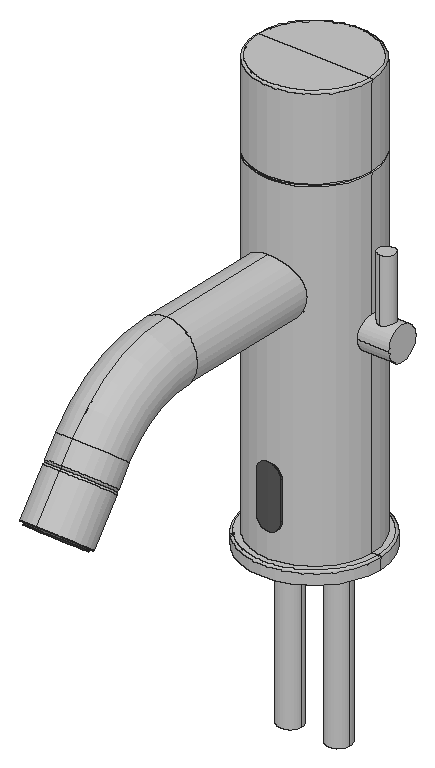
Revit family "Plumbing-Fix_Faucet-Touchless_Stern_Extreme-Mixer-1000", category Plumbing Fixtures, host Face, Revit 2026
Family settings
  Host = Face
  Round Connector Dimension = Use Diameter
  Part Type = Normal
  Classification Number = 23.45.55.17
  Enable Cutting in Views = No
  Cut with Voids When Loaded = No
  Maintain Annotation Orientation = No
  Shared = No
  Room Calculation Point = No
Parameters (values of type "Battery Pack 1.58 GPM")
  Waste Connection = no
  Warranty Duration (Years) = 2
  WFU = 0
  Vent Connection = no
  Unit Width = 0' - 2"
  Unit Height = 0' - 0"
  URL = "http://www.sternfaucets.com/"
  Type Comments = "as Specified"
  Standards Conformance = "as Specified"
  Spout Reach = 0' - 0"
  Spout Height = 0' - 2 1/4"
  Specification = ""
  SpecWizard = ""
  Sales Information = "http://www.sternfaucets.com/contact-us/contact-us-int-l.html"
  Revision = "R1_2018-04"
  Product Properties = ""
  Product Features = "Security Shut Off Timer"
  Product Data = "http://www.arcat.com/arcatcos/cos50/arc50092.html"
  Power Supply = "9V Battery"
  Piping_Inlet Diameter = 3/8"
  Piping_Flow = 0 GPM
  Operating Temperature Range = "Up to 149 F / 65 C"
  Operating Pressure Range = "7.26 - 116 PSI  ;  0.5 - 8 bar"
  Model = "Extreme 1000 B"
  Manufacturer Website = "http://www.sternfaucets.com/"
  Manufacturer Phone - Toll Free = "800-436-4410"
  Manufacturer Phone = ""
  Manufacturer Fax = ""
  Manufacturer Address = "777 Passaic Ave.  Clifton, NJ 07012"
  Manufacturer = "Stern Engineering"
  Maintenance Schedule (Months) = 0
  Keynote = "22 40 00"
  Installation Phase = ""
  HWFU = 1
  HW Connection = yes
  Green Building-LEED = ""
  Fixture Finish [instance] = Finish - Stern - Chrome
  Expected Lifespan (Years) = 0
  Drawn By = "Sumex Design, Inc. / Robert S. Weygant, CSI, CDT, SCIP"
  Description = "Stern Touchless Deck Mounted Mixing Faucet - Extreme 1000 B as Specified"
  Default Elevation = 0' - 0"
  Cost = 0
  Copyright = "©Arcat Inc."
  Construction Details = ""
  CWFU = 1
  CW Connection = yes
  Body Construction = ""
  Available Options = "as Specified"
  Assembly Code = "D2010300"
  Accent Color [instance] = Finish - Stern - Black
Types (10): name | Power Supply | Model | Description
  Battery Pack 1.58 GPM | "9V Battery" | "Extreme 1000 B" | "Stern Touchless Deck Mounted Mixing Faucet - Extreme 1000 B as Specified"
  Battery Pack 1 GPM | "9V Battery" | "Extreme 1000 B" | "Stern Touchless Deck Mounted Mixing Faucet - Extreme 1000 B as Specified"
  Battery Pack 0.8 GPM | "9V Battery" | "Extreme 1000 B" | "Stern Touchless Deck Mounted Mixing Faucet - Extreme 1000 B as Specified"
  Battery Pack 0.5 GPM | "9V Battery" | "Extreme 1000 B" | "Stern Touchless Deck Mounted Mixing Faucet - Extreme 1000 B as Specified"
  Battery Pack 0.35 GPM | "9V Battery" | "Extreme 1000 B" | "Stern Touchless Deck Mounted Mixing Faucet - Extreme 1000 B as Specified"
  Transformer 1.58 GPM | "9V Transformer" | "Extreme 1000 E" | "Stern Touchless Deck Mounted Mixing Faucet - Extreme 1000 E as Specified"
  Transformer 1 GPM | "9V Transformer" | "Extreme 1000 E" | "Stern Touchless Deck Mounted Mixing Faucet - Extreme 1000 E as Specified"
  Transformer 0.8 GPM | "9V Transformer" | "Extreme 1000 E" | "Stern Touchless Deck Mounted Mixing Faucet - Extreme 1000 E as Specified"
  Transformer 0.5 GPM | "9V Transformer" | "Extreme 1000 E" | "Stern Touchless Deck Mounted Mixing Faucet - Extreme 1000 E as Specified"
  Transformer 0.35 GPM | "9V Transformer" | "Extreme 1000 E" | "Stern Touchless Deck Mounted Mixing Faucet - Extreme 1000 E as Specified"
Reference planes (in)
  plane 1 "Center (Front/Back)": y = 0
  plane 2: z = 0
  plane 3 "Center (Left/Right)": x = 0
  plane 4: y = 0.875
  plane 5: z = 2.25
  plane 6: y = -4.875
Forms (in)
  Revolve 1, solid, material "Finish - Stern - Chrome" <- "Fixture Finish"
    sketch origin (0, 0, 0) x (1, 0, 0) y (0, 0, 1)
      loop
        line (0, 0) -> (0, 6.625) -> (-0.84375, 6.625)
        arc (-0.84375, 6.625) -> (-0.86585, 6.61585) -> (-0.875, 6.59375) r 0.03125
        line (-0.875, 6.59375) -> (-0.875, 5.375) -> (-0.83834, 5.375) -> (-0.83834, 5.33605) -> (-0.875, 5.33605) -> (-0.875, 0.1875) -> (-0.96875, 0.1875)
        arc (-0.96875, 0.1875) -> (-0.99085, 0.17835) -> (-1, 0.15625) r 0.03125
        line (-1, 0.15625) -> (-1, 0) -> (0, 0)
      axis (0, 6.625) -> (0, 0)
    angle from 0 to 360
  Extrusion 2, solid, material "Finish - Stern - Chrome" <- "Fixture Finish"
    sketch origin (0, 0, 0) x (0, 1, 0) y (0, 0, 1)
      loop
        circle (0, 3.1875) r 0.25
    from 0 to 1.33049
  Extrusion 3, solid, material "Finish - Stern - Chrome" <- "Fixture Finish"
    sketch origin (0, -10.60316, 2.25) x (0, -1, 0) y (1, 0, 0)
      loop
        circle (-10.60316, 1.09192) r 0.125
    from 0.87006 to 2.0993
  Sweep 4, solid, material "Finish - Stern - Chrome" <- "Fixture Finish"
    path origin (0, 0, 0) x (0, 1, 0) y (0, 0, 1)
      loop
        line (-4.875, 2.25) -> (-4.19912, 3.14693)
        arc (-4.19912, 3.14693) -> (-3.58235, 3.65989) -> (-2.80151, 3.84375) r 1.75
        line (-2.80151, 3.84375) -> (0, 3.84375)
    profile origin (0, -4.53706, 2.69846) x (0, -0.798636, 0.601815) y (1, 0, 0)
      loop
        circle (0, 0) r 0.46875
  Extrusion 5, solid, material "Finish - Stern - Black" <- "Accent Color"
    sketch origin (0, 0, 0) x (1, 0, 0) y (0, 0, 1)
      loop
        line (-0.1875, 1.3125) -> (-0.1875, 0.75)
        arc (-0.1875, 0.75) -> (0, 0.5625) -> (0.1875, 0.75) r 0.1875
        line (0.1875, 0.75) -> (0.1875, 1.3125)
        arc (0.1875, 1.3125) -> (0, 1.5) -> (-0.1875, 1.3125) r 0.1875
    from 0 to 0.89572
  Extrusion 6, solid, material "Finish - Stern - Black" <- "Accent Color"
    sketch origin (0, -4.875, 2.25) x (0, 0.798636, -0.601815) y (1, 0, 0)
      loop
        circle (0, 0) r 0.42457
    from 0 to 0.02725
  Revolve 7, void
    sketch origin (0, 0, 0) x (0, 1, 0) y (0, 0, 1)
      loop
        arc (-4.81681, 3.10612) -> (-4.7962, 3.11826) -> (-4.77304, 3.11227) r 0.03125
        arc (-4.77304, 3.11227) -> (-4.78518, 3.13288) -> (-4.77919, 3.15603) r 0.03125
        line (-4.77919, 3.15603) -> (-4.81681, 3.10612)
      axis (-4.40483, 2.87393) -> (-4.44245, 2.82402)
    angle from 0 to 360
  Extrusion 8, void
    sketch origin (0, 0, 0) x (1, 0, 0) y (0, 1, 0)
      loop
        circle (0, 0) r 0.625
    from 0 to -8
  Extrusion 9, solid, material "Finish - Stern - Chrome" <- "Fixture Finish"
    sketch origin (0, 0, 0) x (1, 0, 0) y (0, 1, 0)
      loop
        circle (-0.36553, 0) r 0.17803
      loop
        circle (0.36553, 0) r 0.17803
    from 0 to -2.54465
  Extrusion 10, void
    sketch origin (0, 0, 0) x (1, 0, 0) y (0, 1, 0)
      loop
        arc (0.22502, -0.85248) -> (0.00059, -0.88086) -> (-0.22387, -0.85277) r 0.90625
        line (-0.22387, -0.85277) -> (-0.22387, -0.9282) -> (0.22502, -0.9282) -> (0.22502, -0.85248)
    from 0 to 1.97269
Cuts and joins
  Revolve 7, Extrusion 8, Extrusion 10 cuts Sweep 4
  Extrusion 8 cuts Revolve 1
  Extrusion 8 cuts Extrusion 2
  Extrusion 8, Extrusion 10 cuts Extrusion 5
Dimensions and locks (in)
  "Spout Height": plane 5 to level
  locked: plane 6 to plane 4 at 5.75
  Revolve 1 sketch curve to Revolve 1 sketch curve to Revolve 1 sketch curve to Revolve 1 sketch curve to level = 0' - 1 1/4" locked, 0' - 0.03895" locked, 0' - 5.14855" locked, 0' - 0 3/16" locked
  locked: Extrusion 2 sketch curve to plane 5 at 0.9375
  plane 5 to Extrusion 5 sketch curve to Extrusion 5 sketch curve = 0' - 0 15/16" locked, 0' - 0 9/16" locked
  Sweep 4 sketch curve to Sweep 4 sketch curve to plane 5 to Sweep 4 sketch curve = 0' - 0.69682" locked, 0' - 0.89693" locked, 0' - 0" locked
  aligned and locked: plane 2 to host face
  aligned and locked: level to host face
Automatic sketch dimensions
  host sketch curve to host sketch curve = 8' - 0"  (x2)
  Revolve 1 sketch curve to level = 0' - 0"
  Revolve 1 sketch curve to plane 3 "Center (Left/Right)" = 0' - 0"  (x2)
  Revolve 1 sketch curve to plane 3 "Center (Left/Right)" = 0' - 0.83834"
  Revolve 1 sketch curve to plane 3 "Center (Left/Right)" = 0' - 0 27/32"
  Revolve 1 sketch curve to Revolve 1 sketch curve = 0' - 0.03666"  (x2)
  Revolve 1 sketch curve to Revolve 1 sketch curve = 0' - 0 3/32"
  Revolve 1 sketch curve to Revolve 1 sketch curve = 0' - 0 1/32"
  Revolve 1 sketch curve to level = 0' - 5 1/4"
  Revolve 1 sketch curve to Revolve 1 sketch curve = 1' - 2 5/8"
  Extrusion 2 sketch curve to plane 1 "Center (Front/Back)" = 0' - 0"
  Sweep 4 sketch curve to plane 6 = 0' - 0"
  Sweep 4 sketch curve to plane 1 "Center (Front/Back)" = 0' - 0"
  plane 6 to Sweep 4 sketch curve = 0' - 0.67588"
  Sweep 4 sketch curve to plane 5 = 0' - 0 5/32"
  Sweep 4 sketch curve to plane 3 "Center (Left/Right)" = 0' - 0"
  Sweep 4 sketch curve to profile plane = 0' - 0"
  Extrusion 5 sketch curve to plane 3 "Center (Left/Right)" = 0' - 0"
  Extrusion 5 sketch curve to Extrusion 5 sketch curve = 0' - 0 3/16"
  plane 6 to Revolve 7 sketch curve = 0' - 0.08315"
  Revolve 7 sketch curve to Revolve 7 sketch curve = 0' - 0.03761"
  plane 5 to Revolve 7 sketch curve = 0' - 0.83731"
  Revolve 7 sketch curve to Revolve 7 sketch curve = 0' - 0.04991"
  Revolve 7 sketch curve to Revolve 7 sketch curve = 0' - 0.02496"  (x2)
  Revolve 7 sketch curve to Revolve 7 sketch curve = 0' - 0"  (x6)
  Revolve 7 sketch curve to plane 6 = 0' - 0.18581"
  Revolve 7 sketch curve to Revolve 7 sketch curve = 0' - 0.01881"  (x2)
  Revolve 7 sketch curve to Revolve 7 sketch curve = 0' - 0.3494"
  Revolve 7 sketch curve to Revolve 7 sketch curve = 0' - 0.28825"
  Revolve 7 sketch curve to plane 5 = 0' - 0.24658"
  plane 1 "Center (Front/Back)" to Extrusion 3 sketch curve = 0' - 0"
  plane 3 "Center (Left/Right)" to Extrusion 3 sketch curve = 0' - 1.09192"
  plane 1 "Center (Front/Back)" to Extrusion 8 sketch curve = 0' - 0"
  Extrusion 8 sketch curve to plane 3 "Center (Left/Right)" = 0' - 0"
  plane 1 "Center (Front/Back)" to Extrusion 9 sketch curve = 0' - 0"  (x2)
  Extrusion 9 sketch curve to plane 3 "Center (Left/Right)" = 0' - 0.36553"
  plane 3 "Center (Left/Right)" to Extrusion 9 sketch curve = 0' - 0.36553"
  Extrusion 10 sketch curve to plane 3 "Center (Left/Right)" = 0' - 0"
  Extrusion 10 sketch curve to plane 3 "Center (Left/Right)" = 0' - 0.22387"
  plane 3 "Center (Left/Right)" to Extrusion 10 sketch curve = 0' - 0.22502"
  Extrusion 10 sketch curve to Extrusion 10 sketch curve = 0' - 0.07572"
  Extrusion 10 sketch curve to Extrusion 10 sketch curve = 0' - 0.07543"
  Extrusion 10 sketch curve to plane 1 "Center (Front/Back)" = 0' - 0.02539"
  radius of Extrusion 2 sketch curve = 0' - 0 1/4"
  radius of Sweep 4 sketch curve = 0' - 0 15/32"
  radius of Extrusion 6 sketch curve to Sweep 4 = 0' - 0.04418"
  radius of Extrusion 3 sketch curve = 0' - 0 1/8"
  radius of Extrusion 8 sketch curve = 0' - 0 5/8"
  radius of Extrusion 9 sketch curve = 0' - 0.17803"  (x2)
Connectors (in)
  piping at (-0.36553, 0, -2.54465), diameter 0.375, driven by "Piping_Flow", driven by "Piping_Inlet Diameter"
    settings: on Extrusion 9, index 2, connector inside diameter 24", connector length 0' - 0", flow factor 0, pipe flow 0 GPM, pressure drop 0.00 psi, fitting loss kfactor 0, connector angle 0.00°, fixture units 0, engagement length 0' - 0", angle of deflection 0.00°, flow configuration 0, flow direction 1, fitting loss method 0, system type 19, joint type 0, gender type 0, connector reference index -1, connector utility 0, adjustable connector no, is connector primary yes, connector description "HW Hose"
  piping at (0.36553, 0, -2.54465), diameter 0.375, driven by "Piping_Flow", driven by "Piping_Inlet Diameter"
    settings: on Extrusion 9, index 3, connector inside diameter 24", connector length 0' - 0", flow factor 0, pipe flow 0 GPM, pressure drop 0.00 psi, fitting loss kfactor 0, connector angle 0.00°, fixture units 0, engagement length 0' - 0", angle of deflection 0.00°, flow configuration 0, flow direction 1, fitting loss method 0, system type 20, joint type 0, gender type 0, connector reference index -1, connector utility 0, adjustable connector no, is connector primary no, connector description "CW Hose"
  electrical at (0, 0, 0.1875)
    settings: on cut or joined group of Revolve 1, Extrusion 8, index 4, voltage 0 V, apparent load 0 VA, apparent load phase1 0 VA, apparent load phase2 0 VA, apparent load phase3 0 VA, power factor 1, load classification "Other", number of poles 1, system type 13, power factor state 1, is connector primary yes, connector utility no, sub classification motor no, connector description ""
